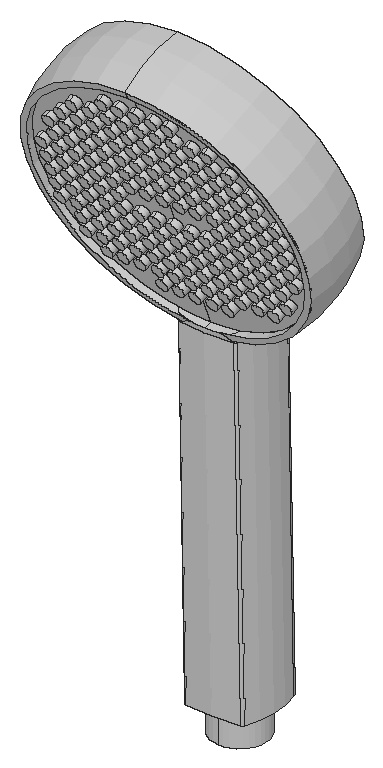
Revit family "Sanitary_Showers_hansgrohe_28031XXX-Activera-S-Hand-shower-100_1jet_EcoSmart", category Plumbing Fixtures, host Face, Revit 2022 (continued)
Lines and regions (mm)
  symbolic lines, detail levels fine
    curve 112: spline (-34.133, 0, 158.395) -> (-34.65, 0, 158.331) -> (-35.133, 0, 158.145) -> (-35.547, 0, 157.85) -> (-35.865, 0, 157.464) -> (-36.065, 0, 157.016) -> (-36.133, 0, 156.534) -> (-36.065, 0, 156.053) -> (-35.865, 0, 155.604) -> (-35.547, 0, 155.219) -> (-35.133, 0, 154.923) -> (-34.65, 0, 154.737) -> (-34.133, 0, 154.674)
    curve 113: spline (-34.133, 0, 154.674) -> (-33.615, 0, 154.737) -> (-33.133, 0, 154.923) -> (-32.718, 0, 155.219) -> (-32.401, 0, 155.604) -> (-32.201, 0, 156.053) -> (-32.133, 0, 156.534) -> (-32.201, 0, 157.016) -> (-32.401, 0, 157.464) -> (-32.718, 0, 157.85) -> (-33.133, 0, 158.145) -> (-33.615, 0, 158.331) -> (-34.133, 0, 158.395)
    curve 114: spline (-28.458, 0, 158.395) -> (-28.976, 0, 158.331) -> (-29.458, 0, 158.145) -> (-29.872, 0, 157.85) -> (-30.19, 0, 157.464) -> (-30.39, 0, 157.016) -> (-30.458, 0, 156.534) -> (-30.39, 0, 156.053) -> (-30.19, 0, 155.604) -> (-29.872, 0, 155.219) -> (-29.458, 0, 154.923) -> (-28.976, 0, 154.737) -> (-28.458, 0, 154.674)
    curve 115: spline (-28.458, 0, 154.674) -> (-27.94, 0, 154.737) -> (-27.458, 0, 154.923) -> (-27.044, 0, 155.219) -> (-26.726, 0, 155.604) -> (-26.526, 0, 156.053) -> (-26.458, 0, 156.534) -> (-26.526, 0, 157.016) -> (-26.726, 0, 157.464) -> (-27.044, 0, 157.85) -> (-27.458, 0, 158.145) -> (-27.94, 0, 158.331) -> (-28.458, 0, 158.395)
    curve 116: spline (-22.933, 0, 158.395) -> (-23.451, 0, 158.331) -> (-23.933, 0, 158.145) -> (-24.348, 0, 157.85) -> (-24.665, 0, 157.464) -> (-24.865, 0, 157.016) -> (-24.933, 0, 156.534) -> (-24.865, 0, 156.053) -> (-24.665, 0, 155.604) -> (-24.348, 0, 155.219) -> (-23.933, 0, 154.923) -> (-23.451, 0, 154.737) -> (-22.933, 0, 154.674)
    curve 117: spline (-22.933, 0, 154.674) -> (-22.416, 0, 154.737) -> (-21.933, 0, 154.923) -> (-21.519, 0, 155.219) -> (-21.201, 0, 155.604) -> (-21.001, 0, 156.053) -> (-20.933, 0, 156.534) -> (-21.001, 0, 157.016) -> (-21.201, 0, 157.464) -> (-21.519, 0, 157.85) -> (-21.933, 0, 158.145) -> (-22.416, 0, 158.331) -> (-22.933, 0, 158.395)
    curve 118: spline (-17.186, 0, 158.395) -> (-17.704, 0, 158.331) -> (-18.186, 0, 158.145) -> (-18.6, 0, 157.85) -> (-18.918, 0, 157.464) -> (-19.118, 0, 157.016) -> (-19.186, 0, 156.534) -> (-19.118, 0, 156.053) -> (-18.918, 0, 155.604) -> (-18.6, 0, 155.219) -> (-18.186, 0, 154.923) -> (-17.704, 0, 154.737) -> (-17.186, 0, 154.674)
    curve 119: spline (-17.186, 0, 154.674) -> (-16.668, 0, 154.737) -> (-16.186, 0, 154.923) -> (-15.772, 0, 155.219) -> (-15.454, 0, 155.604) -> (-15.254, 0, 156.053) -> (-15.186, 0, 156.534) -> (-15.254, 0, 157.016) -> (-15.454, 0, 157.464) -> (-15.772, 0, 157.85) -> (-16.186, 0, 158.145) -> (-16.668, 0, 158.331) -> (-17.186, 0, 158.395)
    curve 120: spline (-11.272, 0, 158.395) -> (-11.79, 0, 158.331) -> (-12.272, 0, 158.145) -> (-12.686, 0, 157.85) -> (-13.004, 0, 157.464) -> (-13.204, 0, 157.016) -> (-13.272, 0, 156.534) -> (-13.204, 0, 156.053) -> (-13.004, 0, 155.604) -> (-12.686, 0, 155.219) -> (-12.272, 0, 154.923) -> (-11.79, 0, 154.737) -> (-11.272, 0, 154.674)
    curve 121: spline (-11.272, 0, 154.674) -> (-10.754, 0, 154.737) -> (-10.272, 0, 154.923) -> (-9.858, 0, 155.219) -> (-9.54, 0, 155.604) -> (-9.34, 0, 156.053) -> (-9.272, 0, 156.534) -> (-9.34, 0, 157.016) -> (-9.54, 0, 157.464) -> (-9.858, 0, 157.85) -> (-10.272, 0, 158.145) -> (-10.754, 0, 158.331) -> (-11.272, 0, 158.395)
    curve 122: spline (-5.747, 0, 158.395) -> (-6.265, 0, 158.331) -> (-6.747, 0, 158.145) -> (-7.162, 0, 157.85) -> (-7.479, 0, 157.464) -> (-7.679, 0, 157.016) -> (-7.747, 0, 156.534) -> (-7.679, 0, 156.053) -> (-7.479, 0, 155.604) -> (-7.162, 0, 155.219) -> (-6.747, 0, 154.923) -> (-6.265, 0, 154.737) -> (-5.747, 0, 154.674)
    curve 123: spline (-5.747, 0, 154.674) -> (-5.23, 0, 154.737) -> (-4.747, 0, 154.923) -> (-4.333, 0, 155.219) -> (-4.015, 0, 155.604) -> (-3.816, 0, 156.053) -> (-3.747, 0, 156.534) -> (-3.816, 0, 157.016) -> (-4.015, 0, 157.464) -> (-4.333, 0, 157.85) -> (-4.747, 0, 158.145) -> (-5.23, 0, 158.331) -> (-5.747, 0, 158.395)
    curve 124: spline (0, 0, 158.395) -> (-0.518, 0, 158.331) -> (-1, 0, 158.145) -> (-1.414, 0, 157.85) -> (-1.732, 0, 157.464) -> (-1.932, 0, 157.016) -> (-2, 0, 156.534) -> (-1.932, 0, 156.053) -> (-1.732, 0, 155.604) -> (-1.414, 0, 155.219) -> (-1, 0, 154.923) -> (-0.518, 0, 154.737) -> (0, 0, 154.674)
    curve 125: spline (0, 0, 154.674) -> (0.518, 0, 154.737) -> (1, 0, 154.923) -> (1.414, 0, 155.219) -> (1.732, 0, 155.604) -> (1.932, 0, 156.053) -> (2, 0, 156.534) -> (1.932, 0, 157.016) -> (1.732, 0, 157.464) -> (1.414, 0, 157.85) -> (1, 0, 158.145) -> (0.518, 0, 158.331) -> (0, 0, 158.395)
    curve 126: spline (-39.772, 0, 158.395) -> (-40.29, 0, 158.331) -> (-40.772, 0, 158.145) -> (-41.186, 0, 157.85) -> (-41.504, 0, 157.464) -> (-41.704, 0, 157.016) -> (-41.772, 0, 156.534) -> (-41.704, 0, 156.053) -> (-41.504, 0, 155.604) -> (-41.186, 0, 155.219) -> (-40.772, 0, 154.923) -> (-40.29, 0, 154.737) -> (-39.772, 0, 154.674)
    curve 127: spline (-39.772, 0, 154.674) -> (-39.254, 0, 154.737) -> (-38.772, 0, 154.923) -> (-38.358, 0, 155.219) -> (-38.04, 0, 155.604) -> (-37.84, 0, 156.053) -> (-37.772, 0, 156.534) -> (-37.84, 0, 157.016) -> (-38.04, 0, 157.464) -> (-38.358, 0, 157.85) -> (-38.772, 0, 158.145) -> (-39.254, 0, 158.331) -> (-39.772, 0, 158.395)
    curve 128: spline (-34.133, 0, 153.279) -> (-34.65, 0, 153.215) -> (-35.133, 0, 153.029) -> (-35.547, 0, 152.734) -> (-35.865, 0, 152.349) -> (-36.065, 0, 151.9) -> (-36.133, 0, 151.418) -> (-36.065, 0, 150.937) -> (-35.865, 0, 150.488) -> (-35.547, 0, 150.103) -> (-35.133, 0, 149.807) -> (-34.65, 0, 149.621) -> (-34.133, 0, 149.558)
    curve 129: spline (-34.133, 0, 149.558) -> (-33.615, 0, 149.621) -> (-33.133, 0, 149.807) -> (-32.718, 0, 150.103) -> (-32.401, 0, 150.488) -> (-32.201, 0, 150.937) -> (-32.133, 0, 151.418) -> (-32.201, 0, 151.9) -> (-32.401, 0, 152.349) -> (-32.718, 0, 152.734) -> (-33.133, 0, 153.029) -> (-33.615, 0, 153.215) -> (-34.133, 0, 153.279)
    curve 130: spline (-28.458, 0, 153.279) -> (-28.976, 0, 153.215) -> (-29.458, 0, 153.029) -> (-29.872, 0, 152.734) -> (-30.19, 0, 152.349) -> (-30.39, 0, 151.9) -> (-30.458, 0, 151.418) -> (-30.39, 0, 150.937) -> (-30.19, 0, 150.488) -> (-29.872, 0, 150.103) -> (-29.458, 0, 149.807) -> (-28.976, 0, 149.621) -> (-28.458, 0, 149.558)
    curve 131: spline (-28.458, 0, 149.558) -> (-27.94, 0, 149.621) -> (-27.458, 0, 149.807) -> (-27.044, 0, 150.103) -> (-26.726, 0, 150.488) -> (-26.526, 0, 150.937) -> (-26.458, 0, 151.418) -> (-26.526, 0, 151.9) -> (-26.726, 0, 152.349) -> (-27.044, 0, 152.734) -> (-27.458, 0, 153.029) -> (-27.94, 0, 153.215) -> (-28.458, 0, 153.279)
    curve 132: spline (-22.933, 0, 153.279) -> (-23.451, 0, 153.215) -> (-23.933, 0, 153.029) -> (-24.348, 0, 152.734) -> (-24.665, 0, 152.349) -> (-24.865, 0, 151.9) -> (-24.933, 0, 151.418) -> (-24.865, 0, 150.937) -> (-24.665, 0, 150.488) -> (-24.348, 0, 150.103) -> (-23.933, 0, 149.807) -> (-23.451, 0, 149.621) -> (-22.933, 0, 149.558)
    curve 133: spline (-22.933, 0, 149.558) -> (-22.416, 0, 149.621) -> (-21.933, 0, 149.807) -> (-21.519, 0, 150.103) -> (-21.201, 0, 150.488) -> (-21.001, 0, 150.937) -> (-20.933, 0, 151.418) -> (-21.001, 0, 151.9) -> (-21.201, 0, 152.349) -> (-21.519, 0, 152.734) -> (-21.933, 0, 153.029) -> (-22.416, 0, 153.215) -> (-22.933, 0, 153.279)
    curve 134: spline (-17.186, 0, 153.279) -> (-17.704, 0, 153.215) -> (-18.186, 0, 153.029) -> (-18.6, 0, 152.734) -> (-18.918, 0, 152.349) -> (-19.118, 0, 151.9) -> (-19.186, 0, 151.418) -> (-19.118, 0, 150.937) -> (-18.918, 0, 150.488) -> (-18.6, 0, 150.103) -> (-18.186, 0, 149.807) -> (-17.704, 0, 149.621) -> (-17.186, 0, 149.558)
    curve 135: spline (-17.186, 0, 149.558) -> (-16.668, 0, 149.621) -> (-16.186, 0, 149.807) -> (-15.772, 0, 150.103) -> (-15.454, 0, 150.488) -> (-15.254, 0, 150.937) -> (-15.186, 0, 151.418) -> (-15.254, 0, 151.9) -> (-15.454, 0, 152.349) -> (-15.772, 0, 152.734) -> (-16.186, 0, 153.029) -> (-16.668, 0, 153.215) -> (-17.186, 0, 153.279)
    curve 136: spline (-11.272, 0, 153.279) -> (-11.79, 0, 153.215) -> (-12.272, 0, 153.029) -> (-12.686, 0, 152.734) -> (-13.004, 0, 152.349) -> (-13.204, 0, 151.9) -> (-13.272, 0, 151.418) -> (-13.204, 0, 150.937) -> (-13.004, 0, 150.488) -> (-12.686, 0, 150.103) -> (-12.272, 0, 149.807) -> (-11.79, 0, 149.621) -> (-11.272, 0, 149.558)
    curve 137: spline (-11.272, 0, 149.558) -> (-10.754, 0, 149.621) -> (-10.272, 0, 149.807) -> (-9.858, 0, 150.103) -> (-9.54, 0, 150.488) -> (-9.34, 0, 150.937) -> (-9.272, 0, 151.418) -> (-9.34, 0, 151.9) -> (-9.54, 0, 152.349) -> (-9.858, 0, 152.734) -> (-10.272, 0, 153.029) -> (-10.754, 0, 153.215) -> (-11.272, 0, 153.279)
    curve 138: spline (-5.747, 0, 153.279) -> (-6.265, 0, 153.215) -> (-6.747, 0, 153.029) -> (-7.162, 0, 152.734) -> (-7.479, 0, 152.349) -> (-7.679, 0, 151.9) -> (-7.747, 0, 151.418) -> (-7.679, 0, 150.937) -> (-7.479, 0, 150.488) -> (-7.162, 0, 150.103) -> (-6.747, 0, 149.807) -> (-6.265, 0, 149.621) -> (-5.747, 0, 149.558)
    curve 139: spline (-5.747, 0, 149.558) -> (-5.23, 0, 149.621) -> (-4.747, 0, 149.807) -> (-4.333, 0, 150.103) -> (-4.015, 0, 150.488) -> (-3.816, 0, 150.937) -> (-3.747, 0, 151.418) -> (-3.816, 0, 151.9) -> (-4.015, 0, 152.349) -> (-4.333, 0, 152.734) -> (-4.747, 0, 153.029) -> (-5.23, 0, 153.215) -> (-5.747, 0, 153.279)
    curve 140: spline (0, 0, 153.279) -> (-0.518, 0, 153.215) -> (-1, 0, 153.029) -> (-1.414, 0, 152.734) -> (-1.732, 0, 152.349) -> (-1.932, 0, 151.9) -> (-2, 0, 151.418) -> (-1.932, 0, 150.937) -> (-1.732, 0, 150.488) -> (-1.414, 0, 150.103) -> (-1, 0, 149.807) -> (-0.518, 0, 149.621) -> (0, 0, 149.558)
    curve 141: spline (0, 0, 149.558) -> (0.518, 0, 149.621) -> (1, 0, 149.807) -> (1.414, 0, 150.103) -> (1.732, 0, 150.488) -> (1.932, 0, 150.937) -> (2, 0, 151.418) -> (1.932, 0, 151.9) -> (1.732, 0, 152.349) -> (1.414, 0, 152.734) -> (1, 0, 153.029) -> (0.518, 0, 153.215) -> (0, 0, 153.279)
    curve 142: spline (-39.772, 0, 153.279) -> (-40.29, 0, 153.215) -> (-40.772, 0, 153.029) -> (-41.186, 0, 152.734) -> (-41.504, 0, 152.349) -> (-41.704, 0, 151.9) -> (-41.772, 0, 151.418) -> (-41.704, 0, 150.937) -> (-41.504, 0, 150.488) -> (-41.186, 0, 150.103) -> (-40.772, 0, 149.807) -> (-40.29, 0, 149.621) -> (-39.772, 0, 149.558)
    curve 143: spline (-39.772, 0, 149.558) -> (-39.254, 0, 149.621) -> (-38.772, 0, 149.807) -> (-38.358, 0, 150.103) -> (-38.04, 0, 150.488) -> (-37.84, 0, 150.937) -> (-37.772, 0, 151.418) -> (-37.84, 0, 151.9) -> (-38.04, 0, 152.349) -> (-38.358, 0, 152.734) -> (-38.772, 0, 153.029) -> (-39.254, 0, 153.215) -> (-39.772, 0, 153.279)
    curve 144: spline (-34.133, 0, 148.163) -> (-34.65, 0, 148.099) -> (-35.133, 0, 147.913) -> (-35.547, 0, 147.618) -> (-35.865, 0, 147.233) -> (-36.065, 0, 146.784) -> (-36.133, 0, 146.302) -> (-36.065, 0, 145.821) -> (-35.865, 0, 145.372) -> (-35.547, 0, 144.987) -> (-35.133, 0, 144.691) -> (-34.65, 0, 144.505) -> (-34.133, 0, 144.442)
    curve 145: spline (-34.133, 0, 144.442) -> (-33.615, 0, 144.505) -> (-33.133, 0, 144.691) -> (-32.718, 0, 144.987) -> (-32.401, 0, 145.372) -> (-32.201, 0, 145.821) -> (-32.133, 0, 146.302) -> (-32.201, 0, 146.784) -> (-32.401, 0, 147.233) -> (-32.718, 0, 147.618) -> (-33.133, 0, 147.913) -> (-33.615, 0, 148.099) -> (-34.133, 0, 148.163)
    curve 146: spline (-28.458, 0, 148.163) -> (-28.976, 0, 148.099) -> (-29.458, 0, 147.913) -> (-29.872, 0, 147.618) -> (-30.19, 0, 147.233) -> (-30.39, 0, 146.784) -> (-30.458, 0, 146.302) -> (-30.39, 0, 145.821) -> (-30.19, 0, 145.372) -> (-29.872, 0, 144.987) -> (-29.458, 0, 144.691) -> (-28.976, 0, 144.505) -> (-28.458, 0, 144.442)
    curve 147: spline (-28.458, 0, 144.442) -> (-27.94, 0, 144.505) -> (-27.458, 0, 144.691) -> (-27.044, 0, 144.987) -> (-26.726, 0, 145.372) -> (-26.526, 0, 145.821) -> (-26.458, 0, 146.302) -> (-26.526, 0, 146.784) -> (-26.726, 0, 147.233) -> (-27.044, 0, 147.618) -> (-27.458, 0, 147.913) -> (-27.94, 0, 148.099) -> (-28.458, 0, 148.163)
    curve 148: spline (-22.933, 0, 148.163) -> (-23.451, 0, 148.099) -> (-23.933, 0, 147.913) -> (-24.348, 0, 147.618) -> (-24.665, 0, 147.233) -> (-24.865, 0, 146.784) -> (-24.933, 0, 146.302) -> (-24.865, 0, 145.821) -> (-24.665, 0, 145.372) -> (-24.348, 0, 144.987) -> (-23.933, 0, 144.691) -> (-23.451, 0, 144.505) -> (-22.933, 0, 144.442)
    curve 149: spline (-22.933, 0, 144.442) -> (-22.416, 0, 144.505) -> (-21.933, 0, 144.691) -> (-21.519, 0, 144.987) -> (-21.201, 0, 145.372) -> (-21.001, 0, 145.821) -> (-20.933, 0, 146.302) -> (-21.001, 0, 146.784) -> (-21.201, 0, 147.233) -> (-21.519, 0, 147.618) -> (-21.933, 0, 147.913) -> (-22.416, 0, 148.099) -> (-22.933, 0, 148.163)
    curve 150: spline (-17.186, 0, 148.163) -> (-17.704, 0, 148.099) -> (-18.186, 0, 147.913) -> (-18.6, 0, 147.618) -> (-18.918, 0, 147.233) -> (-19.118, 0, 146.784) -> (-19.186, 0, 146.302) -> (-19.118, 0, 145.821) -> (-18.918, 0, 145.372) -> (-18.6, 0, 144.987) -> (-18.186, 0, 144.691) -> (-17.704, 0, 144.505) -> (-17.186, 0, 144.442)
    curve 151: spline (-17.186, 0, 144.442) -> (-16.668, 0, 144.505) -> (-16.186, 0, 144.691) -> (-15.772, 0, 144.987) -> (-15.454, 0, 145.372) -> (-15.254, 0, 145.821) -> (-15.186, 0, 146.302) -> (-15.254, 0, 146.784) -> (-15.454, 0, 147.233) -> (-15.772, 0, 147.618) -> (-16.186, 0, 147.913) -> (-16.668, 0, 148.099) -> (-17.186, 0, 148.163)
    curve 152: spline (-11.272, 0, 148.163) -> (-11.79, 0, 148.099) -> (-12.272, 0, 147.913) -> (-12.686, 0, 147.618) -> (-13.004, 0, 147.233) -> (-13.204, 0, 146.784) -> (-13.272, 0, 146.302) -> (-13.204, 0, 145.821) -> (-13.004, 0, 145.372) -> (-12.686, 0, 144.987) -> (-12.272, 0, 144.691) -> (-11.79, 0, 144.505) -> (-11.272, 0, 144.442)
    curve 153: spline (-11.272, 0, 144.442) -> (-10.754, 0, 144.505) -> (-10.272, 0, 144.691) -> (-9.858, 0, 144.987) -> (-9.54, 0, 145.372) -> (-9.34, 0, 145.821) -> (-9.272, 0, 146.302) -> (-9.34, 0, 146.784) -> (-9.54, 0, 147.233) -> (-9.858, 0, 147.618) -> (-10.272, 0, 147.913) -> (-10.754, 0, 148.099) -> (-11.272, 0, 148.163)
    curve 154: spline (-5.747, 0, 148.163) -> (-6.265, 0, 148.099) -> (-6.747, 0, 147.913) -> (-7.162, 0, 147.618) -> (-7.479, 0, 147.233) -> (-7.679, 0, 146.784) -> (-7.747, 0, 146.302) -> (-7.679, 0, 145.821) -> (-7.479, 0, 145.372) -> (-7.162, 0, 144.987) -> (-6.747, 0, 144.691) -> (-6.265, 0, 144.505) -> (-5.747, 0, 144.442)
    curve 155: spline (-5.747, 0, 144.442) -> (-5.23, 0, 144.505) -> (-4.747, 0, 144.691) -> (-4.333, 0, 144.987) -> (-4.015, 0, 145.372) -> (-3.816, 0, 145.821) -> (-3.747, 0, 146.302) -> (-3.816, 0, 146.784) -> (-4.015, 0, 147.233) -> (-4.333, 0, 147.618) -> (-4.747, 0, 147.913) -> (-5.23, 0, 148.099) -> (-5.747, 0, 148.163)
    curve 156: spline (0, 0, 148.163) -> (-0.518, 0, 148.099) -> (-1, 0, 147.913) -> (-1.414, 0, 147.618) -> (-1.732, 0, 147.233) -> (-1.932, 0, 146.784) -> (-2, 0, 146.302) -> (-1.932, 0, 145.821) -> (-1.732, 0, 145.372) -> (-1.414, 0, 144.987) -> (-1, 0, 144.691) -> (-0.518, 0, 144.505) -> (0, 0, 144.442)
    curve 157: spline (0, 0, 144.442) -> (0.518, 0, 144.505) -> (1, 0, 144.691) -> (1.414, 0, 144.987) -> (1.732, 0, 145.372) -> (1.932, 0, 145.821) -> (2, 0, 146.302) -> (1.932, 0, 146.784) -> (1.732, 0, 147.233) -> (1.414, 0, 147.618) -> (1, 0, 147.913) -> (0.518, 0, 148.099) -> (0, 0, 148.163)
    curve 158: spline (-34.133, 0, 143.047) -> (-34.65, 0, 142.983) -> (-35.133, 0, 142.798) -> (-35.547, 0, 142.502) -> (-35.865, 0, 142.117) -> (-36.065, 0, 141.668) -> (-36.133, 0, 141.186) -> (-36.065, 0, 140.705) -> (-35.865, 0, 140.256) -> (-35.547, 0, 139.871) -> (-35.133, 0, 139.575) -> (-34.65, 0, 139.389) -> (-34.133, 0, 139.326)
    curve 159: spline (-34.133, 0, 139.326) -> (-33.615, 0, 139.389) -> (-33.133, 0, 139.575) -> (-32.718, 0, 139.871) -> (-32.401, 0, 140.256) -> (-32.201, 0, 140.705) -> (-32.133, 0, 141.186) -> (-32.201, 0, 141.668) -> (-32.401, 0, 142.117) -> (-32.718, 0, 142.502) -> (-33.133, 0, 142.798) -> (-33.615, 0, 142.983) -> (-34.133, 0, 143.047)
    curve 160: spline (-28.458, 0, 143.047) -> (-28.976, 0, 142.983) -> (-29.458, 0, 142.798) -> (-29.872, 0, 142.502) -> (-30.19, 0, 142.117) -> (-30.39, 0, 141.668) -> (-30.458, 0, 141.186) -> (-30.39, 0, 140.705) -> (-30.19, 0, 140.256) -> (-29.872, 0, 139.871) -> (-29.458, 0, 139.575) -> (-28.976, 0, 139.389) -> (-28.458, 0, 139.326)
    curve 161: spline (-28.458, 0, 139.326) -> (-27.94, 0, 139.389) -> (-27.458, 0, 139.575) -> (-27.044, 0, 139.871) -> (-26.726, 0, 140.256) -> (-26.526, 0, 140.705) -> (-26.458, 0, 141.186) -> (-26.526, 0, 141.668) -> (-26.726, 0, 142.117) -> (-27.044, 0, 142.502) -> (-27.458, 0, 142.798) -> (-27.94, 0, 142.983) -> (-28.458, 0, 143.047)
    curve 162: spline (-22.933, 0, 143.047) -> (-23.451, 0, 142.983) -> (-23.933, 0, 142.798) -> (-24.348, 0, 142.502) -> (-24.665, 0, 142.117) -> (-24.865, 0, 141.668) -> (-24.933, 0, 141.186) -> (-24.865, 0, 140.705) -> (-24.665, 0, 140.256) -> (-24.348, 0, 139.871) -> (-23.933, 0, 139.575) -> (-23.451, 0, 139.389) -> (-22.933, 0, 139.326)
    curve 163: spline (-22.933, 0, 139.326) -> (-22.416, 0, 139.389) -> (-21.933, 0, 139.575) -> (-21.519, 0, 139.871) -> (-21.201, 0, 140.256) -> (-21.001, 0, 140.705) -> (-20.933, 0, 141.186) -> (-21.001, 0, 141.668) -> (-21.201, 0, 142.117) -> (-21.519, 0, 142.502) -> (-21.933, 0, 142.798) -> (-22.416, 0, 142.983) -> (-22.933, 0, 143.047)
    curve 164: spline (-17.186, 0, 143.047) -> (-17.704, 0, 142.983) -> (-18.186, 0, 142.798) -> (-18.6, 0, 142.502) -> (-18.918, 0, 142.117) -> (-19.118, 0, 141.668) -> (-19.186, 0, 141.186) -> (-19.118, 0, 140.705) -> (-18.918, 0, 140.256) -> (-18.6, 0, 139.871) -> (-18.186, 0, 139.575) -> (-17.704, 0, 139.389) -> (-17.186, 0, 139.326)
    curve 165: spline (-17.186, 0, 139.326) -> (-16.668, 0, 139.389) -> (-16.186, 0, 139.575) -> (-15.772, 0, 139.871) -> (-15.454, 0, 140.256) -> (-15.254, 0, 140.705) -> (-15.186, 0, 141.186) -> (-15.254, 0, 141.668) -> (-15.454, 0, 142.117) -> (-15.772, 0, 142.502) -> (-16.186, 0, 142.798) -> (-16.668, 0, 142.983) -> (-17.186, 0, 143.047)
    curve 166: spline (-11.272, 0, 143.047) -> (-11.79, 0, 142.983) -> (-12.272, 0, 142.798) -> (-12.686, 0, 142.502) -> (-13.004, 0, 142.117) -> (-13.204, 0, 141.668) -> (-13.272, 0, 141.186) -> (-13.204, 0, 140.705) -> (-13.004, 0, 140.256) -> (-12.686, 0, 139.871) -> (-12.272, 0, 139.575) -> (-11.79, 0, 139.389) -> (-11.272, 0, 139.326)
    curve 167: spline (-11.272, 0, 139.326) -> (-10.754, 0, 139.389) -> (-10.272, 0, 139.575) -> (-9.858, 0, 139.871) -> (-9.54, 0, 140.256) -> (-9.34, 0, 140.705) -> (-9.272, 0, 141.186) -> (-9.34, 0, 141.668) -> (-9.54, 0, 142.117) -> (-9.858, 0, 142.502) -> (-10.272, 0, 142.798) -> (-10.754, 0, 142.983) -> (-11.272, 0, 143.047)
    curve 168: spline (-5.747, 0, 143.047) -> (-6.265, 0, 142.983) -> (-6.747, 0, 142.798) -> (-7.162, 0, 142.502) -> (-7.479, 0, 142.117) -> (-7.679, 0, 141.668) -> (-7.747, 0, 141.186) -> (-7.679, 0, 140.705) -> (-7.479, 0, 140.256) -> (-7.162, 0, 139.871) -> (-6.747, 0, 139.575) -> (-6.265, 0, 139.389) -> (-5.747, 0, 139.326)
    curve 169: spline (-5.747, 0, 139.326) -> (-5.23, 0, 139.389) -> (-4.747, 0, 139.575) -> (-4.333, 0, 139.871) -> (-4.015, 0, 140.256) -> (-3.816, 0, 140.705) -> (-3.747, 0, 141.186) -> (-3.816, 0, 141.668) -> (-4.015, 0, 142.117) -> (-4.333, 0, 142.502) -> (-4.747, 0, 142.798) -> (-5.23, 0, 142.983) -> (-5.747, 0, 143.047)
    curve 170: spline (0, 0, 143.047) -> (-0.518, 0, 142.983) -> (-1, 0, 142.798) -> (-1.414, 0, 142.502) -> (-1.732, 0, 142.117) -> (-1.932, 0, 141.668) -> (-2, 0, 141.186) -> (-1.932, 0, 140.705) -> (-1.732, 0, 140.256) -> (-1.414, 0, 139.871) -> (-1, 0, 139.575) -> (-0.518, 0, 139.389) -> (0, 0, 139.326)
    curve 171: spline (0, 0, 139.326) -> (0.518, 0, 139.389) -> (1, 0, 139.575) -> (1.414, 0, 139.871) -> (1.732, 0, 140.256) -> (1.932, 0, 140.705) -> (2, 0, 141.186) -> (1.932, 0, 141.668) -> (1.732, 0, 142.117) -> (1.414, 0, 142.502) -> (1, 0, 142.798) -> (0.518, 0, 142.983) -> (0, 0, 143.047)
    curve 172: spline (-28.458, 0, 137.931) -> (-28.976, 0, 137.867) -> (-29.458, 0, 137.682) -> (-29.872, 0, 137.386) -> (-30.19, 0, 137.001) -> (-30.39, 0, 136.552) -> (-30.458, 0, 136.07) -> (-30.39, 0, 135.589) -> (-30.19, 0, 135.14) -> (-29.872, 0, 134.755) -> (-29.458, 0, 134.459) -> (-28.976, 0, 134.274) -> (-28.458, 0, 134.21)
    curve 173: spline (-28.458, 0, 134.21) -> (-27.94, 0, 134.274) -> (-27.458, 0, 134.459) -> (-27.044, 0, 134.755) -> (-26.726, 0, 135.14) -> (-26.526, 0, 135.589) -> (-26.458, 0, 136.07) -> (-26.526, 0, 136.552) -> (-26.726, 0, 137.001) -> (-27.044, 0, 137.386) -> (-27.458, 0, 137.682) -> (-27.94, 0, 137.867) -> (-28.458, 0, 137.931)
    curve 174: spline (-22.933, 0, 137.931) -> (-23.451, 0, 137.867) -> (-23.933, 0, 137.682) -> (-24.348, 0, 137.386) -> (-24.665, 0, 137.001) -> (-24.865, 0, 136.552) -> (-24.933, 0, 136.07) -> (-24.865, 0, 135.589) -> (-24.665, 0, 135.14) -> (-24.348, 0, 134.755) -> (-23.933, 0, 134.459) -> (-23.451, 0, 134.274) -> (-22.933, 0, 134.21)
    curve 175: spline (-22.933, 0, 134.21) -> (-22.416, 0, 134.274) -> (-21.933, 0, 134.459) -> (-21.519, 0, 134.755) -> (-21.201, 0, 135.14) -> (-21.001, 0, 135.589) -> (-20.933, 0, 136.07) -> (-21.001, 0, 136.552) -> (-21.201, 0, 137.001) -> (-21.519, 0, 137.386) -> (-21.933, 0, 137.682) -> (-22.416, 0, 137.867) -> (-22.933, 0, 137.931)
    curve 176: spline (-17.186, 0, 137.931) -> (-17.704, 0, 137.867) -> (-18.186, 0, 137.682) -> (-18.6, 0, 137.386) -> (-18.918, 0, 137.001) -> (-19.118, 0, 136.552) -> (-19.186, 0, 136.07) -> (-19.118, 0, 135.589) -> (-18.918, 0, 135.14) -> (-18.6, 0, 134.755) -> (-18.186, 0, 134.459) -> (-17.704, 0, 134.274) -> (-17.186, 0, 134.21)
    curve 177: spline (-17.186, 0, 134.21) -> (-16.668, 0, 134.274) -> (-16.186, 0, 134.459) -> (-15.772, 0, 134.755) -> (-15.454, 0, 135.14) -> (-15.254, 0, 135.589) -> (-15.186, 0, 136.07) -> (-15.254, 0, 136.552) -> (-15.454, 0, 137.001) -> (-15.772, 0, 137.386) -> (-16.186, 0, 137.682) -> (-16.668, 0, 137.867) -> (-17.186, 0, 137.931)
    curve 178: spline (-11.272, 0, 137.931) -> (-11.79, 0, 137.867) -> (-12.272, 0, 137.682) -> (-12.686, 0, 137.386) -> (-13.004, 0, 137.001) -> (-13.204, 0, 136.552) -> (-13.272, 0, 136.07) -> (-13.204, 0, 135.589) -> (-13.004, 0, 135.14) -> (-12.686, 0, 134.755) -> (-12.272, 0, 134.459) -> (-11.79, 0, 134.274) -> (-11.272, 0, 134.21)
    curve 179: spline (-11.272, 0, 134.21) -> (-10.754, 0, 134.274) -> (-10.272, 0, 134.459) -> (-9.858, 0, 134.755) -> (-9.54, 0, 135.14) -> (-9.34, 0, 135.589) -> (-9.272, 0, 136.07) -> (-9.34, 0, 136.552) -> (-9.54, 0, 137.001) -> (-9.858, 0, 137.386) -> (-10.272, 0, 137.682) -> (-10.754, 0, 137.867) -> (-11.272, 0, 137.931)
    curve 180: spline (-5.747, 0, 137.931) -> (-6.265, 0, 137.867) -> (-6.747, 0, 137.682) -> (-7.162, 0, 137.386) -> (-7.479, 0, 137.001) -> (-7.679, 0, 136.552) -> (-7.747, 0, 136.07) -> (-7.679, 0, 135.589) -> (-7.479, 0, 135.14) -> (-7.162, 0, 134.755) -> (-6.747, 0, 134.459) -> (-6.265, 0, 134.274) -> (-5.747, 0, 134.21)
    curve 181: spline (-5.747, 0, 134.21) -> (-5.23, 0, 134.274) -> (-4.747, 0, 134.459) -> (-4.333, 0, 134.755) -> (-4.015, 0, 135.14) -> (-3.816, 0, 135.589) -> (-3.747, 0, 136.07) -> (-3.816, 0, 136.552) -> (-4.015, 0, 137.001) -> (-4.333, 0, 137.386) -> (-4.747, 0, 137.682) -> (-5.23, 0, 137.867) -> (-5.747, 0, 137.931)
    curve 182: spline (0, 0, 137.931) -> (-0.518, 0, 137.867) -> (-1, 0, 137.682) -> (-1.414, 0, 137.386) -> (-1.732, 0, 137.001) -> (-1.932, 0, 136.552) -> (-2, 0, 136.07) -> (-1.932, 0, 135.589) -> (-1.732, 0, 135.14) -> (-1.414, 0, 134.755) -> (-1, 0, 134.459) -> (-0.518, 0, 134.274) -> (0, 0, 134.21)
    curve 183: spline (0, 0, 134.21) -> (0.518, 0, 134.274) -> (1, 0, 134.459) -> (1.414, 0, 134.755) -> (1.732, 0, 135.14) -> (1.932, 0, 135.589) -> (2, 0, 136.07) -> (1.932, 0, 136.552) -> (1.732, 0, 137.001) -> (1.414, 0, 137.386) -> (1, 0, 137.682) -> (0.518, 0, 137.867) -> (0, 0, 137.931)
    curve 184: spline (-11.272, 0, 132.815) -> (-11.79, 0, 132.752) -> (-12.272, 0, 132.566) -> (-12.686, 0, 132.27) -> (-13.004, 0, 131.885) -> (-13.204, 0, 131.436) -> (-13.272, 0, 130.955) -> (-13.204, 0, 130.473) -> (-13.004, 0, 130.024) -> (-12.686, 0, 129.639) -> (-12.272, 0, 129.343) -> (-11.79, 0, 129.158) -> (-11.272, 0, 129.094)
    curve 185: spline (-11.272, 0, 129.094) -> (-10.754, 0, 129.158) -> (-10.272, 0, 129.343) -> (-9.858, 0, 129.639) -> (-9.54, 0, 130.024) -> (-9.34, 0, 130.473) -> (-9.272, 0, 130.955) -> (-9.34, 0, 131.436) -> (-9.54, 0, 131.885) -> (-9.858, 0, 132.27) -> (-10.272, 0, 132.566) -> (-10.754, 0, 132.752) -> (-11.272, 0, 132.815)
    curve 186: spline (-5.747, 0, 132.815) -> (-6.265, 0, 132.752) -> (-6.747, 0, 132.566) -> (-7.162, 0, 132.27) -> (-7.479, 0, 131.885) -> (-7.679, 0, 131.436) -> (-7.747, 0, 130.955) -> (-7.679, 0, 130.473) -> (-7.479, 0, 130.024) -> (-7.162, 0, 129.639) -> (-6.747, 0, 129.343) -> (-6.265, 0, 129.158) -> (-5.747, 0, 129.094)
    curve 187: spline (-5.747, 0, 129.094) -> (-5.23, 0, 129.158) -> (-4.747, 0, 129.343) -> (-4.333, 0, 129.639) -> (-4.015, 0, 130.024) -> (-3.816, 0, 130.473) -> (-3.747, 0, 130.955) -> (-3.816, 0, 131.436) -> (-4.015, 0, 131.885) -> (-4.333, 0, 132.27) -> (-4.747, 0, 132.566) -> (-5.23, 0, 132.752) -> (-5.747, 0, 132.815)
    curve 188: spline (0, 0, 132.815) -> (-0.518, 0, 132.752) -> (-1, 0, 132.566) -> (-1.414, 0, 132.27) -> (-1.732, 0, 131.885) -> (-1.932, 0, 131.436) -> (-2, 0, 130.955) -> (-1.932, 0, 130.473) -> (-1.732, 0, 130.024) -> (-1.414, 0, 129.639) -> (-1, 0, 129.343) -> (-0.518, 0, 129.158) -> (0, 0, 129.094)
    curve 189: spline (0, 0, 129.094) -> (0.518, 0, 129.158) -> (1, 0, 129.343) -> (1.414, 0, 129.639) -> (1.732, 0, 130.024) -> (1.932, 0, 130.473) -> (2, 0, 130.955) -> (1.932, 0, 131.436) -> (1.732, 0, 131.885) -> (1.414, 0, 132.27) -> (1, 0, 132.566) -> (0.518, 0, 132.752) -> (0, 0, 132.815)
    curve 190: spline (11.272, 0, 199.322) -> (11.79, 0, 199.259) -> (12.272, 0, 199.073) -> (12.686, 0, 198.777) -> (13.004, 0, 198.392) -> (13.204, 0, 197.943) -> (13.272, 0, 197.462) -> (13.204, 0, 196.98) -> (13.004, 0, 196.532) -> (12.686, 0, 196.146) -> (12.272, 0, 195.851) -> (11.79, 0, 195.665) -> (11.272, 0, 195.602)
    curve 191: spline (11.272, 0, 195.602) -> (10.754, 0, 195.665) -> (10.272, 0, 195.851) -> (9.858, 0, 196.146) -> (9.54, 0, 196.532) -> (9.34, 0, 196.98) -> (9.272, 0, 197.462) -> (9.34, 0, 197.943) -> (9.54, 0, 198.392) -> (9.858, 0, 198.777) -> (10.272, 0, 199.073) -> (10.754, 0, 199.259) -> (11.272, 0, 199.322)
    curve 192: spline (5.747, 0, 199.322) -> (6.265, 0, 199.259) -> (6.747, 0, 199.073) -> (7.162, 0, 198.777) -> (7.479, 0, 198.392) -> (7.679, 0, 197.943) -> (7.747, 0, 197.462) -> (7.679, 0, 196.98) -> (7.479, 0, 196.532) -> (7.162, 0, 196.146) -> (6.747, 0, 195.851) -> (6.265, 0, 195.665) -> (5.747, 0, 195.602)
    curve 193: spline (5.747, 0, 195.602) -> (5.23, 0, 195.665) -> (4.747, 0, 195.851) -> (4.333, 0, 196.146) -> (4.015, 0, 196.532) -> (3.816, 0, 196.98) -> (3.747, 0, 197.462) -> (3.816, 0, 197.943) -> (4.015, 0, 198.392) -> (4.333, 0, 198.777) -> (4.747, 0, 199.073) -> (5.23, 0, 199.259) -> (5.747, 0, 199.322)
    curve 194: spline (11.272, 0, 194.206) -> (11.79, 0, 194.143) -> (12.272, 0, 193.957) -> (12.686, 0, 193.661) -> (13.004, 0, 193.276) -> (13.204, 0, 192.827) -> (13.272, 0, 192.346) -> (13.204, 0, 191.864) -> (13.004, 0, 191.416) -> (12.686, 0, 191.03) -> (12.272, 0, 190.735) -> (11.79, 0, 190.549) -> (11.272, 0, 190.486)
    curve 195: spline (11.272, 0, 190.486) -> (10.754, 0, 190.549) -> (10.272, 0, 190.735) -> (9.858, 0, 191.03) -> (9.54, 0, 191.416) -> (9.34, 0, 191.864) -> (9.272, 0, 192.346) -> (9.34, 0, 192.827) -> (9.54, 0, 193.276) -> (9.858, 0, 193.661) -> (10.272, 0, 193.957) -> (10.754, 0, 194.143) -> (11.272, 0, 194.206)
    curve 196: spline (5.747, 0, 194.206) -> (6.265, 0, 194.143) -> (6.747, 0, 193.957) -> (7.162, 0, 193.661) -> (7.479, 0, 193.276) -> (7.679, 0, 192.827) -> (7.747, 0, 192.346) -> (7.679, 0, 191.864) -> (7.479, 0, 191.416) -> (7.162, 0, 191.03) -> (6.747, 0, 190.735) -> (6.265, 0, 190.549) -> (5.747, 0, 190.486)
    curve 197: spline (5.747, 0, 190.486) -> (5.23, 0, 190.549) -> (4.747, 0, 190.735) -> (4.333, 0, 191.03) -> (4.015, 0, 191.416) -> (3.816, 0, 191.864) -> (3.747, 0, 192.346) -> (3.816, 0, 192.827) -> (4.015, 0, 193.276) -> (4.333, 0, 193.661) -> (4.747, 0, 193.957) -> (5.23, 0, 194.143) -> (5.747, 0, 194.206)
    curve 198: spline (22.933, 0, 194.206) -> (23.451, 0, 194.143) -> (23.933, 0, 193.957) -> (24.348, 0, 193.661) -> (24.665, 0, 193.276) -> (24.865, 0, 192.827) -> (24.933, 0, 192.346) -> (24.865, 0, 191.864) -> (24.665, 0, 191.416) -> (24.348, 0, 191.03) -> (23.933, 0, 190.735) -> (23.451, 0, 190.549) -> (22.933, 0, 190.486)
    curve 199: spline (22.933, 0, 190.486) -> (22.416, 0, 190.549) -> (21.933, 0, 190.735) -> (21.519, 0, 191.03) -> (21.201, 0, 191.416) -> (21.001, 0, 191.864) -> (20.933, 0, 192.346) -> (21.001, 0, 192.827) -> (21.201, 0, 193.276) -> (21.519, 0, 193.661) -> (21.933, 0, 193.957) -> (22.416, 0, 194.143) -> (22.933, 0, 194.206)
    curve 200: spline (17.186, 0, 194.206) -> (17.704, 0, 194.143) -> (18.186, 0, 193.957) -> (18.6, 0, 193.661) -> (18.918, 0, 193.276) -> (19.118, 0, 192.827) -> (19.186, 0, 192.346) -> (19.118, 0, 191.864) -> (18.918, 0, 191.416) -> (18.6, 0, 191.03) -> (18.186, 0, 190.735) -> (17.704, 0, 190.549) -> (17.186, 0, 190.486)
    curve 201: spline (17.186, 0, 190.486) -> (16.668, 0, 190.549) -> (16.186, 0, 190.735) -> (15.772, 0, 191.03) -> (15.454, 0, 191.416) -> (15.254, 0, 191.864) -> (15.186, 0, 192.346) -> (15.254, 0, 192.827) -> (15.454, 0, 193.276) -> (15.772, 0, 193.661) -> (16.186, 0, 193.957) -> (16.668, 0, 194.143) -> (17.186, 0, 194.206)
    curve 202: spline (28.458, 0, 189.09) -> (28.976, 0, 189.027) -> (29.458, 0, 188.841) -> (29.872, 0, 188.545) -> (30.19, 0, 188.16) -> (30.39, 0, 187.711) -> (30.458, 0, 187.23) -> (30.39, 0, 186.748) -> (30.19, 0, 186.3) -> (29.872, 0, 185.915) -> (29.458, 0, 185.619) -> (28.976, 0, 185.433) -> (28.458, 0, 185.37)
    curve 203: spline (28.458, 0, 185.37) -> (27.94, 0, 185.433) -> (27.458, 0, 185.619) -> (27.044, 0, 185.915) -> (26.726, 0, 186.3) -> (26.526, 0, 186.748) -> (26.458, 0, 187.23) -> (26.526, 0, 187.711) -> (26.726, 0, 188.16) -> (27.044, 0, 188.545) -> (27.458, 0, 188.841) -> (27.94, 0, 189.027) -> (28.458, 0, 189.09)
    curve 204: spline (22.933, 0, 189.09) -> (23.451, 0, 189.027) -> (23.933, 0, 188.841) -> (24.348, 0, 188.545) -> (24.665, 0, 188.16) -> (24.865, 0, 187.711) -> (24.933, 0, 187.23) -> (24.865, 0, 186.748) -> (24.665, 0, 186.3) -> (24.348, 0, 185.915) -> (23.933, 0, 185.619) -> (23.451, 0, 185.433) -> (22.933, 0, 185.37)
    curve 205: spline (22.933, 0, 185.37) -> (22.416, 0, 185.433) -> (21.933, 0, 185.619) -> (21.519, 0, 185.915) -> (21.201, 0, 186.3) -> (21.001, 0, 186.748) -> (20.933, 0, 187.23) -> (21.001, 0, 187.711) -> (21.201, 0, 188.16) -> (21.519, 0, 188.545) -> (21.933, 0, 188.841) -> (22.416, 0, 189.027) -> (22.933, 0, 189.09)
    curve 206: spline (17.186, 0, 189.09) -> (17.704, 0, 189.027) -> (18.186, 0, 188.841) -> (18.6, 0, 188.545) -> (18.918, 0, 188.16) -> (19.118, 0, 187.711) -> (19.186, 0, 187.23) -> (19.118, 0, 186.748) -> (18.918, 0, 186.3) -> (18.6, 0, 185.915) -> (18.186, 0, 185.619) -> (17.704, 0, 185.433) -> (17.186, 0, 185.37)
    curve 207: spline (17.186, 0, 185.37) -> (16.668, 0, 185.433) -> (16.186, 0, 185.619) -> (15.772, 0, 185.915) -> (15.454, 0, 186.3) -> (15.254, 0, 186.748) -> (15.186, 0, 187.23) -> (15.254, 0, 187.711) -> (15.454, 0, 188.16) -> (15.772, 0, 188.545) -> (16.186, 0, 188.841) -> (16.668, 0, 189.027) -> (17.186, 0, 189.09)
    curve 208: spline (11.272, 0, 189.09) -> (11.79, 0, 189.027) -> (12.272, 0, 188.841) -> (12.686, 0, 188.545) -> (13.004, 0, 188.16) -> (13.204, 0, 187.711) -> (13.272, 0, 187.23) -> (13.204, 0, 186.748) -> (13.004, 0, 186.3) -> (12.686, 0, 185.915) -> (12.272, 0, 185.619) -> (11.79, 0, 185.433) -> (11.272, 0, 185.37)
    curve 209: spline (11.272, 0, 185.37) -> (10.754, 0, 185.433) -> (10.272, 0, 185.619) -> (9.858, 0, 185.915) -> (9.54, 0, 186.3) -> (9.34, 0, 186.748) -> (9.272, 0, 187.23) -> (9.34, 0, 187.711) -> (9.54, 0, 188.16) -> (9.858, 0, 188.545) -> (10.272, 0, 188.841) -> (10.754, 0, 189.027) -> (11.272, 0, 189.09)
    curve 210: spline (5.747, 0, 189.09) -> (6.265, 0, 189.027) -> (6.747, 0, 188.841) -> (7.162, 0, 188.545) -> (7.479, 0, 188.16) -> (7.679, 0, 187.711) -> (7.747, 0, 187.23) -> (7.679, 0, 186.748) -> (7.479, 0, 186.3) -> (7.162, 0, 185.915) -> (6.747, 0, 185.619) -> (6.265, 0, 185.433) -> (5.747, 0, 185.37)
    curve 211: spline (5.747, 0, 185.37) -> (5.23, 0, 185.433) -> (4.747, 0, 185.619) -> (4.333, 0, 185.915) -> (4.015, 0, 186.3) -> (3.816, 0, 186.748) -> (3.747, 0, 187.23) -> (3.816, 0, 187.711) -> (4.015, 0, 188.16) -> (4.333, 0, 188.545) -> (4.747, 0, 188.841) -> (5.23, 0, 189.027) -> (5.747, 0, 189.09)
    curve 212: spline (34.133, 0, 183.974) -> (34.65, 0, 183.911) -> (35.133, 0, 183.725) -> (35.547, 0, 183.429) -> (35.865, 0, 183.044) -> (36.065, 0, 182.596) -> (36.133, 0, 182.114) -> (36.065, 0, 181.633) -> (35.865, 0, 181.184) -> (35.547, 0, 180.799) -> (35.133, 0, 180.503) -> (34.65, 0, 180.317) -> (34.133, 0, 180.254)
    curve 213: spline (34.133, 0, 180.254) -> (33.615, 0, 180.317) -> (33.133, 0, 180.503) -> (32.718, 0, 180.799) -> (32.401, 0, 181.184) -> (32.201, 0, 181.633) -> (32.133, 0, 182.114) -> (32.201, 0, 182.596) -> (32.401, 0, 183.044) -> (32.718, 0, 183.429) -> (33.133, 0, 183.725) -> (33.615, 0, 183.911) -> (34.133, 0, 183.974)
    curve 214: spline (28.458, 0, 183.974) -> (28.976, 0, 183.911) -> (29.458, 0, 183.725) -> (29.872, 0, 183.429) -> (30.19, 0, 183.044) -> (30.39, 0, 182.596) -> (30.458, 0, 182.114) -> (30.39, 0, 181.633) -> (30.19, 0, 181.184) -> (29.872, 0, 180.799) -> (29.458, 0, 180.503) -> (28.976, 0, 180.317) -> (28.458, 0, 180.254)
    curve 215: spline (28.458, 0, 180.254) -> (27.94, 0, 180.317) -> (27.458, 0, 180.503) -> (27.044, 0, 180.799) -> (26.726, 0, 181.184) -> (26.526, 0, 181.633) -> (26.458, 0, 182.114) -> (26.526, 0, 182.596) -> (26.726, 0, 183.044) -> (27.044, 0, 183.429) -> (27.458, 0, 183.725) -> (27.94, 0, 183.911) -> (28.458, 0, 183.974)
    curve 216: spline (22.933, 0, 183.974) -> (23.451, 0, 183.911) -> (23.933, 0, 183.725) -> (24.348, 0, 183.429) -> (24.665, 0, 183.044) -> (24.865, 0, 182.596) -> (24.933, 0, 182.114) -> (24.865, 0, 181.633) -> (24.665, 0, 181.184) -> (24.348, 0, 180.799) -> (23.933, 0, 180.503) -> (23.451, 0, 180.317) -> (22.933, 0, 180.254)
    curve 217: spline (22.933, 0, 180.254) -> (22.416, 0, 180.317) -> (21.933, 0, 180.503) -> (21.519, 0, 180.799) -> (21.201, 0, 181.184) -> (21.001, 0, 181.633) -> (20.933, 0, 182.114) -> (21.001, 0, 182.596) -> (21.201, 0, 183.044) -> (21.519, 0, 183.429) -> (21.933, 0, 183.725) -> (22.416, 0, 183.911) -> (22.933, 0, 183.974)
    curve 218: spline (17.186, 0, 183.974) -> (17.704, 0, 183.911) -> (18.186, 0, 183.725) -> (18.6, 0, 183.429) -> (18.918, 0, 183.044) -> (19.118, 0, 182.596) -> (19.186, 0, 182.114) -> (19.118, 0, 181.633) -> (18.918, 0, 181.184) -> (18.6, 0, 180.799) -> (18.186, 0, 180.503) -> (17.704, 0, 180.317) -> (17.186, 0, 180.254)
    curve 219: spline (17.186, 0, 180.254) -> (16.668, 0, 180.317) -> (16.186, 0, 180.503) -> (15.772, 0, 180.799) -> (15.454, 0, 181.184) -> (15.254, 0, 181.633) -> (15.186, 0, 182.114) -> (15.254, 0, 182.596) -> (15.454, 0, 183.044) -> (15.772, 0, 183.429) -> (16.186, 0, 183.725) -> (16.668, 0, 183.911) -> (17.186, 0, 183.974)
    curve 220: spline (11.272, 0, 183.974) -> (11.79, 0, 183.911) -> (12.272, 0, 183.725) -> (12.686, 0, 183.429) -> (13.004, 0, 183.044) -> (13.204, 0, 182.596) -> (13.272, 0, 182.114) -> (13.204, 0, 181.633) -> (13.004, 0, 181.184) -> (12.686, 0, 180.799) -> (12.272, 0, 180.503) -> (11.79, 0, 180.317) -> (11.272, 0, 180.254)
    curve 221: spline (11.272, 0, 180.254) -> (10.754, 0, 180.317) -> (10.272, 0, 180.503) -> (9.858, 0, 180.799) -> (9.54, 0, 181.184) -> (9.34, 0, 181.633) -> (9.272, 0, 182.114) -> (9.34, 0, 182.596) -> (9.54, 0, 183.044) -> (9.858, 0, 183.429) -> (10.272, 0, 183.725) -> (10.754, 0, 183.911) -> (11.272, 0, 183.974)
    curve 222: spline (5.747, 0, 183.974) -> (6.265, 0, 183.911) -> (6.747, 0, 183.725) -> (7.162, 0, 183.429) -> (7.479, 0, 183.044) -> (7.679, 0, 182.596) -> (7.747, 0, 182.114) -> (7.679, 0, 181.633) -> (7.479, 0, 181.184) -> (7.162, 0, 180.799) -> (6.747, 0, 180.503) -> (6.265, 0, 180.317) -> (5.747, 0, 180.254)
    curve 223: spline (5.747, 0, 180.254) -> (5.23, 0, 180.317) -> (4.747, 0, 180.503) -> (4.333, 0, 180.799) -> (4.015, 0, 181.184) -> (3.816, 0, 181.633) -> (3.747, 0, 182.114) -> (3.816, 0, 182.596) -> (4.015, 0, 183.044) -> (4.333, 0, 183.429) -> (4.747, 0, 183.725) -> (5.23, 0, 183.911) -> (5.747, 0, 183.974)
    curve 224: spline (34.133, 0, 178.858) -> (34.65, 0, 178.795) -> (35.133, 0, 178.609) -> (35.547, 0, 178.314) -> (35.865, 0, 177.928) -> (36.065, 0, 177.48) -> (36.133, 0, 176.998) -> (36.065, 0, 176.517) -> (35.865, 0, 176.068) -> (35.547, 0, 175.683) -> (35.133, 0, 175.387) -> (34.65, 0, 175.201) -> (34.133, 0, 175.138)
    curve 225: spline (34.133, 0, 175.138) -> (33.615, 0, 175.201) -> (33.133, 0, 175.387) -> (32.718, 0, 175.683) -> (32.401, 0, 176.068) -> (32.201, 0, 176.517) -> (32.133, 0, 176.998) -> (32.201, 0, 177.48) -> (32.401, 0, 177.928) -> (32.718, 0, 178.314) -> (33.133, 0, 178.609) -> (33.615, 0, 178.795) -> (34.133, 0, 178.858)
    curve 226: spline (28.458, 0, 178.858) -> (28.976, 0, 178.795) -> (29.458, 0, 178.609) -> (29.872, 0, 178.314) -> (30.19, 0, 177.928) -> (30.39, 0, 177.48) -> (30.458, 0, 176.998) -> (30.39, 0, 176.517) -> (30.19, 0, 176.068) -> (29.872, 0, 175.683) -> (29.458, 0, 175.387) -> (28.976, 0, 175.201) -> (28.458, 0, 175.138)
    curve 227: spline (28.458, 0, 175.138) -> (27.94, 0, 175.201) -> (27.458, 0, 175.387) -> (27.044, 0, 175.683) -> (26.726, 0, 176.068) -> (26.526, 0, 176.517) -> (26.458, 0, 176.998) -> (26.526, 0, 177.48) -> (26.726, 0, 177.928) -> (27.044, 0, 178.314) -> (27.458, 0, 178.609) -> (27.94, 0, 178.795) -> (28.458, 0, 178.858)
    curve 228: spline (22.933, 0, 178.858) -> (23.451, 0, 178.795) -> (23.933, 0, 178.609) -> (24.348, 0, 178.314) -> (24.665, 0, 177.928) -> (24.865, 0, 177.48) -> (24.933, 0, 176.998) -> (24.865, 0, 176.517) -> (24.665, 0, 176.068) -> (24.348, 0, 175.683) -> (23.933, 0, 175.387) -> (23.451, 0, 175.201) -> (22.933, 0, 175.138)
    curve 229: spline (22.933, 0, 175.138) -> (22.416, 0, 175.201) -> (21.933, 0, 175.387) -> (21.519, 0, 175.683) -> (21.201, 0, 176.068) -> (21.001, 0, 176.517) -> (20.933, 0, 176.998) -> (21.001, 0, 177.48) -> (21.201, 0, 177.928) -> (21.519, 0, 178.314) -> (21.933, 0, 178.609) -> (22.416, 0, 178.795) -> (22.933, 0, 178.858)
    curve 230: spline (17.186, 0, 178.858) -> (17.704, 0, 178.795) -> (18.186, 0, 178.609) -> (18.6, 0, 178.314) -> (18.918, 0, 177.928) -> (19.118, 0, 177.48) -> (19.186, 0, 176.998) -> (19.118, 0, 176.517) -> (18.918, 0, 176.068) -> (18.6, 0, 175.683) -> (18.186, 0, 175.387) -> (17.704, 0, 175.201) -> (17.186, 0, 175.138)
    curve 231: spline (17.186, 0, 175.138) -> (16.668, 0, 175.201) -> (16.186, 0, 175.387) -> (15.772, 0, 175.683) -> (15.454, 0, 176.068) -> (15.254, 0, 176.517) -> (15.186, 0, 176.998) -> (15.254, 0, 177.48) -> (15.454, 0, 177.928) -> (15.772, 0, 178.314) -> (16.186, 0, 178.609) -> (16.668, 0, 178.795) -> (17.186, 0, 178.858)
    curve 232: spline (11.272, 0, 178.858) -> (11.79, 0, 178.795) -> (12.272, 0, 178.609) -> (12.686, 0, 178.314) -> (13.004, 0, 177.928) -> (13.204, 0, 177.48) -> (13.272, 0, 176.998) -> (13.204, 0, 176.517) -> (13.004, 0, 176.068) -> (12.686, 0, 175.683) -> (12.272, 0, 175.387) -> (11.79, 0, 175.201) -> (11.272, 0, 175.138)
    curve 233: spline (11.272, 0, 175.138) -> (10.754, 0, 175.201) -> (10.272, 0, 175.387) -> (9.858, 0, 175.683) -> (9.54, 0, 176.068) -> (9.34, 0, 176.517) -> (9.272, 0, 176.998) -> (9.34, 0, 177.48) -> (9.54, 0, 177.928) -> (9.858, 0, 178.314) -> (10.272, 0, 178.609) -> (10.754, 0, 178.795) -> (11.272, 0, 178.858)
    curve 234: spline (5.747, 0, 178.858) -> (6.265, 0, 178.795) -> (6.747, 0, 178.609) -> (7.162, 0, 178.314) -> (7.479, 0, 177.928) -> (7.679, 0, 177.48) -> (7.747, 0, 176.998) -> (7.679, 0, 176.517) -> (7.479, 0, 176.068) -> (7.162, 0, 175.683) -> (6.747, 0, 175.387) -> (6.265, 0, 175.201) -> (5.747, 0, 175.138)
    curve 235: spline (5.747, 0, 175.138) -> (5.23, 0, 175.201) -> (4.747, 0, 175.387) -> (4.333, 0, 175.683) -> (4.015, 0, 176.068) -> (3.816, 0, 176.517) -> (3.747, 0, 176.998) -> (3.816, 0, 177.48) -> (4.015, 0, 177.928) -> (4.333, 0, 178.314) -> (4.747, 0, 178.609) -> (5.23, 0, 178.795) -> (5.747, 0, 178.858)
    curve 236: spline (34.133, 0, 173.742) -> (34.65, 0, 173.679) -> (35.133, 0, 173.493) -> (35.547, 0, 173.198) -> (35.865, 0, 172.812) -> (36.065, 0, 172.364) -> (36.133, 0, 171.882) -> (36.065, 0, 171.401) -> (35.865, 0, 170.952) -> (35.547, 0, 170.567) -> (35.133, 0, 170.271) -> (34.65, 0, 170.085) -> (34.133, 0, 170.022)
    curve 237: spline (34.133, 0, 170.022) -> (33.615, 0, 170.085) -> (33.133, 0, 170.271) -> (32.718, 0, 170.567) -> (32.401, 0, 170.952) -> (32.201, 0, 171.401) -> (32.133, 0, 171.882) -> (32.201, 0, 172.364) -> (32.401, 0, 172.812) -> (32.718, 0, 173.198) -> (33.133, 0, 173.493) -> (33.615, 0, 173.679) -> (34.133, 0, 173.742)
    curve 238: spline (28.458, 0, 173.742) -> (28.976, 0, 173.679) -> (29.458, 0, 173.493) -> (29.872, 0, 173.198) -> (30.19, 0, 172.812) -> (30.39, 0, 172.364) -> (30.458, 0, 171.882) -> (30.39, 0, 171.401) -> (30.19, 0, 170.952) -> (29.872, 0, 170.567) -> (29.458, 0, 170.271) -> (28.976, 0, 170.085) -> (28.458, 0, 170.022)
    curve 239: spline (28.458, 0, 170.022) -> (27.94, 0, 170.085) -> (27.458, 0, 170.271) -> (27.044, 0, 170.567) -> (26.726, 0, 170.952) -> (26.526, 0, 171.401) -> (26.458, 0, 171.882) -> (26.526, 0, 172.364) -> (26.726, 0, 172.812) -> (27.044, 0, 173.198) -> (27.458, 0, 173.493) -> (27.94, 0, 173.679) -> (28.458, 0, 173.742)
    curve 240: spline (22.933, 0, 173.742) -> (23.451, 0, 173.679) -> (23.933, 0, 173.493) -> (24.348, 0, 173.198) -> (24.665, 0, 172.812) -> (24.865, 0, 172.364) -> (24.933, 0, 171.882) -> (24.865, 0, 171.401) -> (24.665, 0, 170.952) -> (24.348, 0, 170.567) -> (23.933, 0, 170.271) -> (23.451, 0, 170.085) -> (22.933, 0, 170.022)
    curve 241: spline (22.933, 0, 170.022) -> (22.416, 0, 170.085) -> (21.933, 0, 170.271) -> (21.519, 0, 170.567) -> (21.201, 0, 170.952) -> (21.001, 0, 171.401) -> (20.933, 0, 171.882) -> (21.001, 0, 172.364) -> (21.201, 0, 172.812) -> (21.519, 0, 173.198) -> (21.933, 0, 173.493) -> (22.416, 0, 173.679) -> (22.933, 0, 173.742)
    curve 242: spline (17.186, 0, 173.742) -> (17.704, 0, 173.679) -> (18.186, 0, 173.493) -> (18.6, 0, 173.198) -> (18.918, 0, 172.812) -> (19.118, 0, 172.364) -> (19.186, 0, 171.882) -> (19.118, 0, 171.401) -> (18.918, 0, 170.952) -> (18.6, 0, 170.567) -> (18.186, 0, 170.271) -> (17.704, 0, 170.085) -> (17.186, 0, 170.022)
    curve 243: spline (17.186, 0, 170.022) -> (16.668, 0, 170.085) -> (16.186, 0, 170.271) -> (15.772, 0, 170.567) -> (15.454, 0, 170.952) -> (15.254, 0, 171.401) -> (15.186, 0, 171.882) -> (15.254, 0, 172.364) -> (15.454, 0, 172.812) -> (15.772, 0, 173.198) -> (16.186, 0, 173.493) -> (16.668, 0, 173.679) -> (17.186, 0, 173.742)
    curve 244: spline (11.272, 0, 173.742) -> (11.79, 0, 173.679) -> (12.272, 0, 173.493) -> (12.686, 0, 173.198) -> (13.004, 0, 172.812) -> (13.204, 0, 172.364) -> (13.272, 0, 171.882) -> (13.204, 0, 171.401) -> (13.004, 0, 170.952) -> (12.686, 0, 170.567) -> (12.272, 0, 170.271) -> (11.79, 0, 170.085) -> (11.272, 0, 170.022)
    curve 245: spline (11.272, 0, 170.022) -> (10.754, 0, 170.085) -> (10.272, 0, 170.271) -> (9.858, 0, 170.567) -> (9.54, 0, 170.952) -> (9.34, 0, 171.401) -> (9.272, 0, 171.882) -> (9.34, 0, 172.364) -> (9.54, 0, 172.812) -> (9.858, 0, 173.198) -> (10.272, 0, 173.493) -> (10.754, 0, 173.679) -> (11.272, 0, 173.742)
    curve 246: spline (5.747, 0, 173.742) -> (6.265, 0, 173.679) -> (6.747, 0, 173.493) -> (7.162, 0, 173.198) -> (7.479, 0, 172.812) -> (7.679, 0, 172.364) -> (7.747, 0, 171.882) -> (7.679, 0, 171.401) -> (7.479, 0, 170.952) -> (7.162, 0, 170.567) -> (6.747, 0, 170.271) -> (6.265, 0, 170.085) -> (5.747, 0, 170.022)
    curve 247: spline (5.747, 0, 170.022) -> (5.23, 0, 170.085) -> (4.747, 0, 170.271) -> (4.333, 0, 170.567) -> (4.015, 0, 170.952) -> (3.816, 0, 171.401) -> (3.747, 0, 171.882) -> (3.816, 0, 172.364) -> (4.015, 0, 172.812) -> (4.333, 0, 173.198) -> (4.747, 0, 173.493) -> (5.23, 0, 173.679) -> (5.747, 0, 173.742)
    curve 248: spline (34.133, 0, 168.627) -> (34.65, 0, 168.563) -> (35.133, 0, 168.377) -> (35.547, 0, 168.082) -> (35.865, 0, 167.696) -> (36.065, 0, 167.248) -> (36.133, 0, 166.766) -> (36.065, 0, 166.285) -> (35.865, 0, 165.836) -> (35.547, 0, 165.451) -> (35.133, 0, 165.155) -> (34.65, 0, 164.969) -> (34.133, 0, 164.906)
    curve 249: spline (34.133, 0, 164.906) -> (33.615, 0, 164.969) -> (33.133, 0, 165.155) -> (32.718, 0, 165.451) -> (32.401, 0, 165.836) -> (32.201, 0, 166.285) -> (32.133, 0, 166.766) -> (32.201, 0, 167.248) -> (32.401, 0, 167.696) -> (32.718, 0, 168.082) -> (33.133, 0, 168.377) -> (33.615, 0, 168.563) -> (34.133, 0, 168.627)
    curve 250: spline (28.458, 0, 168.627) -> (28.976, 0, 168.563) -> (29.458, 0, 168.377) -> (29.872, 0, 168.082) -> (30.19, 0, 167.696) -> (30.39, 0, 167.248) -> (30.458, 0, 166.766) -> (30.39, 0, 166.285) -> (30.19, 0, 165.836) -> (29.872, 0, 165.451) -> (29.458, 0, 165.155) -> (28.976, 0, 164.969) -> (28.458, 0, 164.906)
    curve 251: spline (28.458, 0, 164.906) -> (27.94, 0, 164.969) -> (27.458, 0, 165.155) -> (27.044, 0, 165.451) -> (26.726, 0, 165.836) -> (26.526, 0, 166.285) -> (26.458, 0, 166.766) -> (26.526, 0, 167.248) -> (26.726, 0, 167.696) -> (27.044, 0, 168.082) -> (27.458, 0, 168.377) -> (27.94, 0, 168.563) -> (28.458, 0, 168.627)
    curve 252: spline (22.933, 0, 168.627) -> (23.451, 0, 168.563) -> (23.933, 0, 168.377) -> (24.348, 0, 168.082) -> (24.665, 0, 167.696) -> (24.865, 0, 167.248) -> (24.933, 0, 166.766) -> (24.865, 0, 166.285) -> (24.665, 0, 165.836) -> (24.348, 0, 165.451) -> (23.933, 0, 165.155) -> (23.451, 0, 164.969) -> (22.933, 0, 164.906)
    curve 253: spline (22.933, 0, 164.906) -> (22.416, 0, 164.969) -> (21.933, 0, 165.155) -> (21.519, 0, 165.451) -> (21.201, 0, 165.836) -> (21.001, 0, 166.285) -> (20.933, 0, 166.766) -> (21.001, 0, 167.248) -> (21.201, 0, 167.696) -> (21.519, 0, 168.082) -> (21.933, 0, 168.377) -> (22.416, 0, 168.563) -> (22.933, 0, 168.627)
    curve 254: spline (17.186, 0, 168.627) -> (17.704, 0, 168.563) -> (18.186, 0, 168.377) -> (18.6, 0, 168.082) -> (18.918, 0, 167.696) -> (19.118, 0, 167.248) -> (19.186, 0, 166.766) -> (19.118, 0, 166.285) -> (18.918, 0, 165.836) -> (18.6, 0, 165.451) -> (18.186, 0, 165.155) -> (17.704, 0, 164.969) -> (17.186, 0, 164.906)
    curve 255: spline (17.186, 0, 164.906) -> (16.668, 0, 164.969) -> (16.186, 0, 165.155) -> (15.772, 0, 165.451) -> (15.454, 0, 165.836) -> (15.254, 0, 166.285) -> (15.186, 0, 166.766) -> (15.254, 0, 167.248) -> (15.454, 0, 167.696) -> (15.772, 0, 168.082) -> (16.186, 0, 168.377) -> (16.668, 0, 168.563) -> (17.186, 0, 168.627)
    curve 256: spline (11.272, 0, 168.627) -> (11.79, 0, 168.563) -> (12.272, 0, 168.377) -> (12.686, 0, 168.082) -> (13.004, 0, 167.696) -> (13.204, 0, 167.248) -> (13.272, 0, 166.766) -> (13.204, 0, 166.285) -> (13.004, 0, 165.836) -> (12.686, 0, 165.451) -> (12.272, 0, 165.155) -> (11.79, 0, 164.969) -> (11.272, 0, 164.906)
    curve 257: spline (11.272, 0, 164.906) -> (10.754, 0, 164.969) -> (10.272, 0, 165.155) -> (9.858, 0, 165.451) -> (9.54, 0, 165.836) -> (9.34, 0, 166.285) -> (9.272, 0, 166.766) -> (9.34, 0, 167.248) -> (9.54, 0, 167.696) -> (9.858, 0, 168.082) -> (10.272, 0, 168.377) -> (10.754, 0, 168.563) -> (11.272, 0, 168.627)
    curve 258: spline (5.747, 0, 168.627) -> (6.265, 0, 168.563) -> (6.747, 0, 168.377) -> (7.162, 0, 168.082) -> (7.479, 0, 167.696) -> (7.679, 0, 167.248) -> (7.747, 0, 166.766) -> (7.679, 0, 166.285) -> (7.479, 0, 165.836) -> (7.162, 0, 165.451) -> (6.747, 0, 165.155) -> (6.265, 0, 164.969) -> (5.747, 0, 164.906)
    curve 259: spline (5.747, 0, 164.906) -> (5.23, 0, 164.969) -> (4.747, 0, 165.155) -> (4.333, 0, 165.451) -> (4.015, 0, 165.836) -> (3.816, 0, 166.285) -> (3.747, 0, 166.766) -> (3.816, 0, 167.248) -> (4.015, 0, 167.696) -> (4.333, 0, 168.082) -> (4.747, 0, 168.377) -> (5.23, 0, 168.563) -> (5.747, 0, 168.627)
    curve 260: spline (34.133, 0, 163.511) -> (34.65, 0, 163.447) -> (35.133, 0, 163.261) -> (35.547, 0, 162.966) -> (35.865, 0, 162.58) -> (36.065, 0, 162.132) -> (36.133, 0, 161.65) -> (36.065, 0, 161.169) -> (35.865, 0, 160.72) -> (35.547, 0, 160.335) -> (35.133, 0, 160.039) -> (34.65, 0, 159.853) -> (34.133, 0, 159.79)
    curve 261: spline (34.133, 0, 159.79) -> (33.615, 0, 159.853) -> (33.133, 0, 160.039) -> (32.718, 0, 160.335) -> (32.401, 0, 160.72) -> (32.201, 0, 161.169) -> (32.133, 0, 161.65) -> (32.201, 0, 162.132) -> (32.401, 0, 162.58) -> (32.718, 0, 162.966) -> (33.133, 0, 163.261) -> (33.615, 0, 163.447) -> (34.133, 0, 163.511)
    curve 262: spline (28.458, 0, 163.511) -> (28.976, 0, 163.447) -> (29.458, 0, 163.261) -> (29.872, 0, 162.966) -> (30.19, 0, 162.58) -> (30.39, 0, 162.132) -> (30.458, 0, 161.65) -> (30.39, 0, 161.169) -> (30.19, 0, 160.72) -> (29.872, 0, 160.335) -> (29.458, 0, 160.039) -> (28.976, 0, 159.853) -> (28.458, 0, 159.79)
